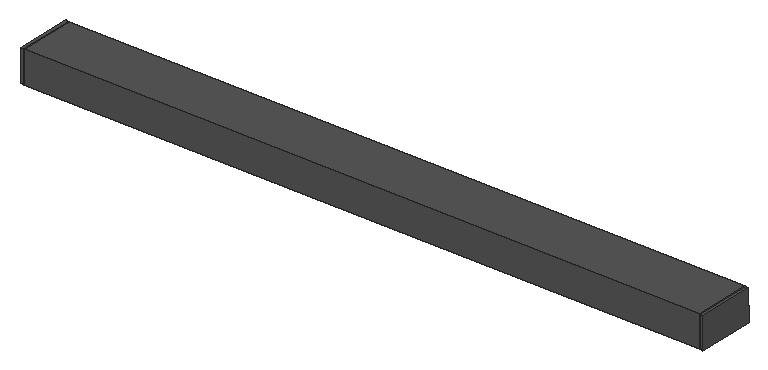
Revit family "EOS2.0-W-I", category Lighting Fixtures, host Face, Revit 2018
Family settings
  Host = Face
  Round Connector Dimension = Use Diameter
  Part Type = Normal
  Cut with Voids When Loaded = No
  Light Source = Yes
  Shared = Yes
  Room Calculation Point = Yes
Parameters (values of type "4' Indirect")
  Wattage = 17.6471 W
  built-in parameter 1150110 = 1 (stored number, unit not read)
  Voltage = 0 V
  built-in parameter 1114217 = 1 (stored number, unit not read)
  built-in parameter 1150109 = 1 (stored number, unit not read)
  built-in parameter 1150134 = 12
  Switch Leg Visibility = no
  Switch Leg [instance] = ""
  built-in parameter 1150113 = 1 (stored number, unit not read)
  Material [instance] = LUX ILLUMINAIRE Black
  built-in parameter 1150105 = 477.46 (stored number, unit not read)
  Lumens = 1500 lm
  built-in parameter 1150115 = 1 (stored number, unit not read)
  Light Source Symbol Size = 2' - 0"
  built-in parameter 1150137 = (empty or 0)
  built-in parameter 1150139 = (empty or 0)
  built-in parameter 1150112 = 1 (stored number, unit not read)
  built-in parameter 1150114 = 1 (stored number, unit not read)
  Lamp = "LED"
  built-in parameter 1150132 = 2
  built-in parameter 1150102 = (empty or 0)
  built-in parameter 1150107 = 4000 (stored number, unit not read)
  built-in parameter 1150138 = (empty or 0)
  built-in parameter 1150106 = 4.7746 (stored number, unit not read)
  Fixture Width = 0' - 2 1/4"  # constant formula
  Fixture Symbol Visiblity = yes
  Fixture Length = 4' - 0.00062"
  Emit from Rectangle Width = Fixture Width - 0' 0 1/4"  # 0' - 2"
  Emit from Rectangle Length = Fixture Length  # 4' - 0.00062"
  Emit Shape Visible in Rendering = yes
  Emergency Lighting [instance] = no
  built-in parameter 1150104 = 7.8968 (stored number, unit not read)
  Dimming Lamp Color Temperature Shift = <None>
  Default Elevation = 7' - 0"
  Color Filter = 16777215
  built-in parameter 1140040 [instance] = 1
  built-in parameter 1114218 = 1 (stored number, unit not read)
  built-in parameter 1150133 = 10 (stored number, unit not read)
  Apparent Load = 13.7 VA
Types (6): name | Wattage | built-in parameter 1150105 | Lumens | built-in parameter 1150106 | Fixture Length | Emit from Rectangle Length | Apparent Load
  3' Indirect | 8.82353 W | 238.73 (stored number, unit not read) | 750 lm | 2.3873 (stored number, unit not read) | 3' - 0" | 3' - 0" | 10.3 VA
  4' Indirect | 17.6471 W | 477.46 (stored number, unit not read) | 1500 lm | 4.7746 (stored number, unit not read) | 4' - 0.00062" | 4' - 0.00062" | 13.7 VA
  5' Indirect | 22.0588 W | 596.83 (stored number, unit not read) | 1875 lm | 5.9683 (stored number, unit not read) | 5' - 0" | 5' - 0" | 17.2 VA
  6' Indirect | 26.4706 W | 716.2 (stored number, unit not read) | 2250 lm | 7.162 (stored number, unit not read) | 6' - 0" | 6' - 0" | 20.6 VA
  7' Indirect | 30.8824 W | 835.56 (stored number, unit not read) | 2625 lm | 8.3556 (stored number, unit not read) | 7' - 0" | 7' - 0" | 24 VA
  8' Indirect | 35.2941 W | 954.93 (stored number, unit not read) | 3000 lm | 9.5493 (stored number, unit not read) | 8' - 0" | 8' - 0" | 27.4 VA
Reference planes (in)
  plane 1 "Center (Front/Back)": y = 0
  plane 2: z = 0
  plane 3 "Center (Left/Right)": x = 0
  plane 4: x = 24.00031
  plane 5: x = -24.00031
  plane 6: z = 1
  plane 7: x = 24.249
  plane 8: x = -24.24966
  plane 9: z = 2.25
Forms (in)
  Extrusion 1, solid, material "LUX ILLUMINAIRE Black" <- "Material"
    sketch origin (0.0005, -20.10019, 2.09616) x (0.000014, 0, -1) y (0, 1, 0)
      loop
        line (-0.15384, 20.08053) -> (2.09501, 20.08053) -> (2.09501, 24.09501) -> (2.01002, 24.09501) -> (2.01002, 23.982) -> (1.85803, 23.99997) -> (0.08272, 23.99997) -> (-0.06885, 23.982) -> (-0.06885, 24.09501) -> (-0.15384, 24.09501) -> (-0.15384, 20.08053)
    from -24.00084 to 23.99981
  Extrusion 2, solid, material "LUX ILLUMINAIRE Black" <- "Material"
    sketch origin (0.0005, -20.10019, 2.09616) x (0.000014, 0, -1) y (0, 1, 0)
      loop
        line (-0.15384, 24.09501) -> (-0.15384, 20.08053) -> (2.09501, 20.08053) -> (2.09501, 24.09501) -> (-0.15384, 24.09501)
    from 23.99978 to 24.2485
  Extrusion 3, solid, not visible
    sketch origin (0, 0, 0) x (1, 0, 0) y (0, 1, 0)
      loop
        circle (0.00029, -24) r 0.1875
    from 0 to 1
  Extrusion 4, solid, not visible
    sketch origin (0, 0, 0) x (1, 0, 0) y (0, 1, 0)
      loop
        circle (0.0005, -24) r 0.03125
    from 1 to 13.33203
  Extrusion 5, solid, not visible
    sketch origin (0, 0, 0) x (1, 0, 0) y (0, 1, 0)
      loop
        circle (0.0005, -24) r 0.18729
    from 13.33203 to 14.08203
  Extrusion 6, solid, material "LUX ILLUMINAIRE Black" <- "Material"
    sketch origin (-23.9995, -20.10019, 2.09526) x (0.000014, 0, -1) y (0, -1, 0)
      loop
        line (-0.1544, -24.09501) -> (2.09319, -24.09501) -> (2.09319, -20.08053) -> (-0.1544, -20.08053) -> (-0.1544, -24.09501)
    from 0.00081 to 0.25019
Lines and regions (in)
  symbolic lines, visible <- "Fixture Symbol Visiblity"
    curve 1: line (24.00031, 0, 2.25) -> (-24.00031, 0, 2.25)
    curve 2: line (24.00031, 0, 0.09334) -> (24.00031, 0, 2.25)
    curve 3: line (-24.00031, 0, 0.09334) -> (24.00031, 0, 0.09334)
    curve 4: line (-24.00031, 0, 2.25) -> (-24.00031, 0, 0.09334)
Dimensions and locks (in)
  plane 5 to plane 4 = 4' - 0.00062"
  plane 4 to plane 5 = 4' - 0.00062"
  equal spacing: plane 4, plane 3 "Center (Left/Right)", plane 5
  "Fixture Length": plane 4 to plane 5
  plane 7 to plane 4 = 0' - 0.24869"
  plane 5 to plane 8 = 0' - 0.24935"
  "Fixture Width": plane 9 to level
  aligned and locked: plane 2 to host face
  aligned and locked: level to host face
  aligned and locked: plane 7 to Extrusion 2
  aligned and locked: Extrusion 2 to plane 4
  aligned and locked: plane 4 to Extrusion 1
  aligned and locked: Extrusion 6 to plane 8
  aligned and locked: plane 5 to Extrusion 6
  aligned and locked: Extrusion 1 to plane 5
  aligned and locked: plane 5 to curve 4
  aligned and locked: curve 2 to plane 4
  aligned and locked: plane 4 to nested 1
  aligned and locked: nested 1 to plane 5
Automatic sketch dimensions
  level to curve 3 = 0' - 0.09334"
  plane 6 to curve 2 = 0' - 1 1/4"
  host sketch curve to host sketch curve = 8' - 0"  (x2)
  Extrusion 2 sketch curve to Extrusion 2 sketch curve = 0' - 2.24885"
  Extrusion 2 sketch curve to plane 1 "Center (Front/Back)" = 0' - 3.99482"
  plane 1 "Center (Front/Back)" to Extrusion 2 sketch curve = 0' - 0.01965"
  Extrusion 1 sketch curve to plane 1 "Center (Front/Back)" = 0' - 3.99482"
  Extrusion 1 sketch curve to Extrusion 1 sketch curve = 0' - 0.08499"
  Extrusion 1 sketch curve to Extrusion 1 sketch curve = 0' - 0.15157"
  Extrusion 1 sketch curve to plane 1 "Center (Front/Back)" = 0' - 3.89979"
  Extrusion 1 sketch curve to Extrusion 1 sketch curve = 0' - 1.77531"
  Extrusion 1 sketch curve to plane 1 "Center (Front/Back)" = 0' - 3.88182"
  Extrusion 1 sketch curve to Extrusion 1 sketch curve = 0' - 0.15199"
  Extrusion 1 sketch curve to Extrusion 1 sketch curve = 0' - 2.24885"
  Extrusion 1 sketch curve to Extrusion 1 sketch curve = 0' - 0.113"  (x2)
  plane 1 "Center (Front/Back)" to Extrusion 1 sketch curve = 0' - 0.01965"
  Extrusion 6 sketch curve to Extrusion 6 sketch curve = 0' - 2.24759"
  Extrusion 6 sketch curve to plane 1 "Center (Front/Back)" = 0' - 3.99482"
  plane 1 "Center (Front/Back)" to Extrusion 6 sketch curve = 0' - 0.01965"
  radius of Extrusion 3 sketch curve = 0' - 0 3/16"
  radius of Extrusion 4 sketch curve = 0' - 0 1/32"
  radius of Extrusion 5 sketch curve = 0' - 0.18729"
Nested families (in)
  nested 1: "Emergency Symbol Rectangle" at (-0.00031, 0, -9.79915) x (-1, 0, 0) z (0, -1, 0), visible <- "Emergency Lighting", type "Emergency Symbol Rectangle"
    with Width 0' - 8.5983", Length 4' - 0.00062"
Connectors (in)
  electrical at (-0.00003, -2.01965, 3.36166), driven by "Apparent Load", driven by "Voltage"
    settings: on Extrusion 1, index 1, voltage 0 V, apparent load 0 VA, apparent load phase1 13.7 VA, apparent load phase2 0 VA, apparent load phase3 0 VA, power factor 1, load classification "Other", number of poles 1, system type 31, power factor state 1, is connector primary yes, connector utility no, sub classification motor no, connector description ""
Definition of nested family "Emergency Symbol Rectangle"
  Parameters (values of type "Emergency Symbol Rectangle")
    Width [instance] = 0' - 8 1/2"
    Length [instance] = 5' - 0"
    Emergency Visibility = no
  Reference planes (in)
    plane 1 "Center (Front/Back)": y = -7.75
    plane 2: z = 0
    plane 3 "Center (Left/Right)": x = -24
    plane 4: x = 24
    plane 5: x = -36
    plane 6: y = -3.5
    plane 7: y = -12
  Lines and regions (in)
    Filled region 1, type "Solid Fill - Black", in view "Ref. Level", detail levels coarse+medium
      outline origin (0, 0.25, 0) x (1, 0, 0) y (0, 1, 0)
        loop
          line (-36, -12.25) -> (24, -12.25) -> (-36, -10.125) -> (-36, -12.25)
  Dimensions and locks (in)
    equal spacing: plane 7, plane 1 "Center (Front/Back)", plane 6
    "Width": plane 7 to plane 6
    "Length": plane 5 to plane 4
    aligned and locked: plane 5 to Filled region 1
  Automatic sketch dimensions
    plane 1 "Center (Front/Back)" to Filled region 1 sketch curve = 0' - 2 1/8"
    Filled region 1 sketch curve to plane 3 "Center (Left/Right)" = 1' - 0"
    Filled region 1 sketch curve to plane 4 = 0' - 0"
    Filled region 1 sketch curve to plane 7 = 0' - 0"
